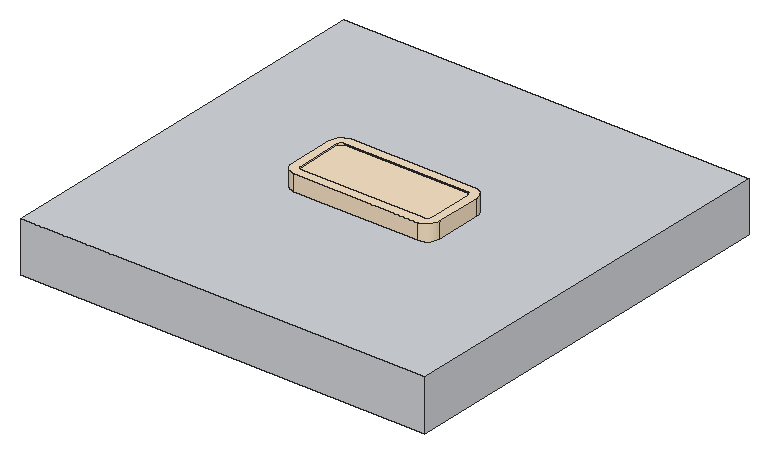
Revit family
Parameters (values of type "KB200-00")
  Width = 2' - 11 3/16"
  URL = "www.bobrick.com"
  Model = "KB200-00"
  Manufacturer = "Bobrick Washroom Equipment Inc.,"
  Height = 1' - 10 1/4"
  Finish Material = Plastic - Bobrick - Cream
  Description = "Baby Changing Station"
  Depth = 0' - 3 3/4"
  Default Elevation = 4' - 0"
  Assembly Code = "C1030200"
Types (5): name | Model | Finish Material
  (no name) | "KB200-00" | Plastic - Bobrick - Cream
  KB200-00 | "KB200-00" | Plastic - Bobrick - Cream
  KB200-01 | "KB200-01" | Plastic - Bobrick - Gray
  KB200-05 | "KB200-05" | Plastic - Bobrick -  White Granite
  KB200-11 | "KB200-11" | Plastic - Bobrick - Earth
Reference planes (in)
  plane 1 "Center (Front/Back)": y = 0
  plane 2: z = 0
  plane 3 "Center (Left/Right)": x = 0
  plane 4: x = -17.59375
  plane 5: y = 9
  plane 6: x = 17.59375
  plane 7: y = -9
  plane 8: z = 3.75
  plane 9: z = 3.5
  plane 10: z = 23.1875
Forms (in)
  Extrusion 1, solid
    sketch origin (0, 0, 0) x (1, 0, 0) y (0, 1, 0)
      loop
        line (-48, 48) -> (-48, -48) -> (48, -48) -> (48, 48) -> (-48, 48)
    from 0 to -12
  Extrusion 2, solid, material "Plastic - Bobrick - Cream" <- "Finish Material"
    sketch origin (0, 0, 0) x (1, 0, 0) y (0, 1, 0)
      loop
        arc (-14.75718, 8.39405) -> (-16.68651, 7.47011) -> (-17.50983, 5.49575) r 3
        arc (-17.50983, 5.49575) -> (-17.59375, 0) -> (-17.50983, -5.49575) r 180
        arc (-17.50983, -5.49575) -> (-16.68651, -7.47011) -> (-14.75718, -8.39405) r 3
        arc (-14.75718, -8.39405) -> (0, -9) -> (14.75718, -8.39405) r 180
        arc (14.75718, -8.39405) -> (16.68651, -7.47011) -> (17.50983, -5.49575) r 3
        arc (17.50983, -5.49575) -> (17.59375, 0) -> (17.50983, 5.49575) r 180
        arc (17.50983, 5.49575) -> (16.68651, 7.47011) -> (14.75718, 8.39405) r 3
        arc (14.75718, 8.39405) -> (0, 9) -> (-14.75718, 8.39405) r 180
    from 0 to 3.75
  Extrusion 3, void
    sketch origin (0, 0, 3.75) x (0, 1, 0) y (1, 0, 0)
      loop
        arc (5.43468, -15.51077) -> (6.0928, -15.23632) -> (6.40078, -14.59322) r 1
        arc (6.40078, -14.59322) -> (7, 0) -> (6.40078, 14.59322) r 178
        arc (6.40078, 14.59322) -> (6.0928, 15.23632) -> (5.43468, 15.51077) r 1
        arc (5.43468, 15.51077) -> (0, 15.59375) -> (-5.43468, 15.51077) r 178
        arc (-5.43468, 15.51077) -> (-6.0928, 15.23632) -> (-6.40078, 14.59322) r 1
        arc (-6.40078, 14.59322) -> (-7, 0) -> (-6.40078, -14.59322) r 178
        arc (-6.40078, -14.59322) -> (-6.0928, -15.23632) -> (-5.43468, -15.51077) r 1
        arc (-5.43468, -15.51077) -> (0, -15.59375) -> (5.43468, -15.51077) r 178
    from 0 to 0.25
Cuts and joins
  Extrusion 3 cuts Extrusion 2
Lines and regions (in)
  Masking region 1
    outline origin (0, 0, 3.75) x (1, 0, 0) y (0, 1, 0)
      loop
        arc (14.75718, 8.39405) -> (0, 9) -> (-14.75718, 8.39405) r 180
        arc (-14.75718, 8.39405) -> (-16.68651, 7.47011) -> (-17.50983, 5.49575) r 3
        arc (-17.50983, 5.49575) -> (-17.59375, 0) -> (-17.50983, -5.49575) r 180
        arc (-17.50983, -5.49575) -> (-16.68651, -7.47011) -> (-14.75718, -8.39405) r 3
        arc (-14.75718, -8.39405) -> (0, -9) -> (14.75718, -8.39405) r 180
        arc (14.75718, -8.39405) -> (16.68651, -7.47011) -> (17.50983, -5.49575) r 3
        arc (17.50983, -5.49575) -> (17.59375, 0) -> (17.50983, 5.49575) r 180
        arc (17.50983, 5.49575) -> (16.68651, 7.47011) -> (14.75718, 8.39405) r 3
  Masking region 2
    outline origin (0, 0, 0) x (1, 0, 0) y (0, 0, 1)
      loop
        line (-17.59375, 3.75) -> (-17.59375, 0) -> (17.59375, 0) -> (17.59375, 3.75) -> (-17.59375, 3.75)
  Masking region 3
    outline origin (0, 0, 0) x (0, 1, 0) y (0, 0, 1)
      loop
        line (9, 0) -> (9, 3.75) -> (-9, 3.75) -> (-9, 0) -> (9, 0)
  symbolic lines
    curve 1: arc (-14.59322, 6.40078, 3.75) -> (0, 7, 3.75) -> (14.59322, 6.40078, 3.75) r 178
    curve 2: arc (-15.51077, -5.43468, 3.75) -> (-15.59375, 0, 3.75) -> (-15.51077, 5.43468, 3.75) r 178
    curve 3: arc (-15.51077, 5.43468, 3.75) -> (-15.23632, 6.0928, 3.75) -> (-14.59322, 6.40078, 3.75) r 1
    curve 4: arc (-14.59322, -6.40078, 3.75) -> (-15.23632, -6.0928, 3.75) -> (-15.51077, -5.43468, 3.75) r 1
    curve 5: arc (14.59322, -6.40078, 3.75) -> (0, -7, 3.75) -> (-14.59322, -6.40078, 3.75) r 178
    curve 6: arc (14.59322, 6.40078, 3.75) -> (15.23632, 6.0928, 3.75) -> (15.51077, 5.43468, 3.75) r 1
    curve 7: arc (15.51077, 5.43468, 3.75) -> (15.59375, 0, 3.75) -> (15.51077, -5.43468, 3.75) r 178
    curve 8: arc (15.51077, -5.43468, 3.75) -> (15.23632, -6.0928, 3.75) -> (14.59322, -6.40078, 3.75) r 1
  symbolic lines, style "SpecialityEquipmentHiddenLines"
    curve 9: line (-17.59375, 0, 23.1875) -> (-17.59375, 0, 3.75)
    curve 10: line (-17.59375, 0, 23.1875) -> (17.59375, 0, 23.1875)
    curve 11: line (17.59375, 0, 23.1875) -> (17.59375, 0, 3.75)
Dimensions and locks (in)
  "Width": plane 4 to plane 6
  equal spacing: plane 4, plane 3 "Center (Left/Right)", plane 6
  plane 5 to plane 7 = 1' - 6"
  equal spacing: plane 5, plane 1 "Center (Front/Back)", plane 7
  locked: plane 3 "Center (Left/Right)" to Extrusion 2 sketch curve at 0  (x2)
  locked: Extrusion 2 sketch curve to plane 1 "Center (Front/Back)" at 171
  locked: Extrusion 2 sketch curve to plane 3 "Center (Left/Right)" at 162.40625
  locked: plane 1 "Center (Front/Back)" to Extrusion 2 sketch curve at 0  (x2)
  locked: plane 1 "Center (Front/Back)" to Extrusion 2 sketch curve at 171
  plane 3 "Center (Left/Right)" to Extrusion 2 sketch curve = 13' - 6 13/32"
  locked: plane 5 to Extrusion 2 sketch curve at 3.59585  (x2)
  locked: plane 4 to Extrusion 2 sketch curve at 3.08252  (x2)
  locked: Extrusion 2 sketch curve to plane 7 at 3.59585  (x2)
  locked: Extrusion 2 sketch curve to plane 6 at 3.08252  (x2)
  "Depth": plane 8 to level
  locked: plane 8 to plane 9 at 0.25
  locked: plane 3 "Center (Left/Right)" to Extrusion 3 sketch curve at 0  (x2)
  locked: plane 1 "Center (Front/Back)" to Extrusion 3 sketch curve at 0  (x2)
  locked: plane 5 to Extrusion 3 sketch curve at 2
  locked: plane 4 to Extrusion 3 sketch curve at 2
  locked: Extrusion 3 sketch curve to plane 7 at 2
  locked: Extrusion 3 sketch curve to plane 6 at 2
  locked: plane 4 to Extrusion 3 sketch curve at 3.08252  (x2)
  locked: Extrusion 3 sketch curve to plane 6 at 3.08252
  locked: Extrusion 3 sketch curve to plane 7 at 3.59585  (x2)
  locked: plane 5 to Extrusion 3 sketch curve at 3.59585  (x2)
  locked: plane 10 to level at 23.1875
  aligned and locked: plane 2 to Extrusion 1
  aligned and locked: level to Extrusion 1
  aligned and locked: plane 8 to Extrusion 2
  aligned and locked: Extrusion 2 to level
  aligned and locked: Extrusion 3 to plane 9
  aligned and locked: plane 8 to Extrusion 3
  aligned and locked: Masking region 1 sketch curve to cut or joined group of Extrusion 2, Extrusion 3  (x8)
  aligned and locked: curve 1 to cut or joined group of Extrusion 2, Extrusion 3
  aligned and locked: curve 2 to cut or joined group of Extrusion 2, Extrusion 3
  aligned and locked: curve 3 to cut or joined group of Extrusion 2, Extrusion 3
  aligned and locked: curve 4 to cut or joined group of Extrusion 2, Extrusion 3
  aligned and locked: curve 5 to cut or joined group of Extrusion 2, Extrusion 3
  aligned and locked: curve 6 to cut or joined group of Extrusion 2, Extrusion 3
  aligned and locked: curve 7 to cut or joined group of Extrusion 2, Extrusion 3
  aligned and locked: curve 8 to cut or joined group of Extrusion 2, Extrusion 3
  aligned and locked: Masking region 2 sketch curve to plane 4
  aligned and locked: Masking region 2 sketch curve to cut or joined group of Extrusion 2, Extrusion 3  (x2)
  aligned and locked: Masking region 2 sketch curve to plane 6
  aligned and locked: plane 5 to Masking region 3 sketch curve
  aligned and locked: Masking region 3 sketch curve to cut or joined group of Extrusion 2, Extrusion 3  (x2)
  aligned and locked: plane 7 to Masking region 3 sketch curve
  aligned and locked: plane 8 to curve 11
  aligned and locked: plane 8 to curve 9
  aligned and locked: plane 10 to curve 9
  aligned and locked: plane 4 to curve 10
  aligned and locked: plane 6 to curve 10
  aligned and locked: plane 10 to curve 11
Automatic sketch dimensions
  Extrusion 1 sketch curve to Extrusion 1 sketch curve = 8' - 0"  (x2)
  Extrusion 2 sketch curve to Extrusion 2 sketch curve = 0' - 0"  (x7)
  plane 4 to Extrusion 2 sketch curve = 0' - 0.08392"
  Extrusion 3 sketch curve to Extrusion 3 sketch curve = 0' - 0.03053"  (x3)
  Extrusion 3 sketch curve to Extrusion 3 sketch curve = 0' - 0"  (x6)
